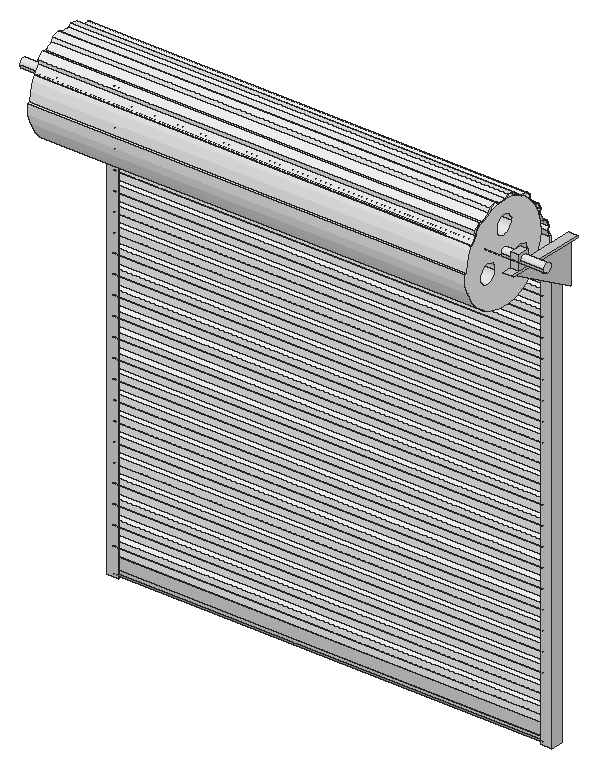
Revit family "Doors_Industrial_Wayne-Dalton_Commercial-Roll-Up-Door-Model-DS-200_", category Specialty Equipment, host Wall, Revit 2019 (continued)
Definition of nested family "Operator"
  Lines and regions (in)
    Masking region 2, visible <- "Electrical Operator"
      outline origin (16.76, 11.5, -15.96) x (1, 0, 0) y (0, 1, 0)
        loop
          line (-6.99565, -6.04259) -> (-5.74565, -6.04259) -> (-5.74565, -5.38009) -> (-5.52455, -5.38009) -> (-5.52455, -6.84264) -> (-5.4254, -6.94178) -> (-4.57285, -6.94178) -> (-4.57285, -8.30035) -> (-4.134, -8.30035) -> (-4.134, -10.01758) -> (-4.3324, -10.01758) -> (-4.3324, -10.27413)
          arc (-4.3324, -10.27413) -> (-4.24466, -10.51278) -> (-4.02324, -10.63778) r 0.36846
          arc (-4.02324, -10.63778) -> (0, -10.96363) -> (4.02324, -10.63778) r 25
          arc (4.02324, -10.63778) -> (4.24466, -10.51278) -> (4.3324, -10.27413) r 0.36846
          line (4.3324, -10.27413) -> (4.3324, -10.01758) -> (4.116, -10.01758) -> (4.116, -8.30035) -> (4.57285, -8.30035) -> (4.57285, -6.34759) -> (4.80185, -6.34759) -> (4.80185, -5.91628) -> (5.20185, -5.91628) -> (5.20185, -4.23407) -> (4.80185, -4.23407) -> (4.80185, -3.80276) -> (4.57285, -3.80276) -> (4.57285, -1.85) -> (3.108, -1.85) -> (3.108, -0.12) -> (4.988, -0.12) -> (4.988, 0) -> (-4.988, 0) -> (-4.988, -0.12) -> (-3.108, -0.12) -> (-3.108, -1.85) -> (-4.57285, -1.85) -> (-4.57285, -3.20856) -> (-5.4254, -3.20856) -> (-5.52455, -3.30771) -> (-5.52455, -4.77026) -> (-5.74565, -4.77026) -> (-5.74565, -4.10776) -> (-6.99565, -4.10776) -> (-6.99565, -6.04259)
    reference lines
      curve 1: line (16.76, 11.5, 0) -> (16.76, 11.5, 10)
      curve 2: line (16.76, 11.5, -15.96) -> (29.76, 11.5, -15.96)
      curve 3: line (16.751, 11.5, -26.53) -> (27.001, 11.5, -26.53)
    symbolic lines, visible <- "Electrical Operator"
      curve 4: line (11.3346, 8.29144, -15.96) -> (11.3346, 4.55822, -15.96)
      curve 5: line (11.23545, 6.72974, -15.96) -> (11.23545, 6.11991, -15.96)
      curve 6: line (11.01435, 7.39224, -15.96) -> (11.01435, 5.45741, -15.96)
      curve 7: line (11.76, 7, -15.96) -> (11.76, 6, -15.96)
      curve 8: line (11.76, 6, -15.96) -> (13.772, 6, -15.96)
      curve 9: line (13.772, 7, -15.96) -> (11.76, 7, -15.96)
      curve 10: line (13.652, 11.38, -15.96) -> (13.652, 7.88, -15.96)
      curve 11: line (13.652, 7.88, -15.96) -> (13.772, 7.88, -15.96)
      curve 12: line (13.772, 4.3646, -15.96) -> (13.772, 11.5, -15.96)
      curve 13: line (19.748, 11.5, -15.96) -> (19.748, 4.3646, -15.96)
      curve 14: line (19.748, 7.88, -15.96) -> (19.868, 7.88, -15.96)
      curve 15: line (19.868, 7.88, -15.96) -> (19.868, 11.38, -15.96)
      curve 16: line (21.76, 7, -15.96) -> (19.748, 7, -15.96)
      curve 17: line (21.76, 7, -15.96) -> (21.76, 6, -15.96)
      curve 18: line (21.76, 6, -15.96) -> (19.748, 6, -15.96)
      curve 19: line (21.56185, 7.69724, -15.96) -> (21.56185, 7, -15.96)
      curve 20: line (20.876, 4.125, -15.96) -> (12.626, 4.125, -15.96)
      curve 21: line (12.18715, 8.29144, -15.96) -> (12.18715, 7, -15.96)
      curve 22: line (12.18715, 3.19965, -15.96) -> (12.18715, 6, -15.96)
      curve 23: line (12.626, 4.2446, -15.96) -> (12.626, 1.48242, -15.96)
      curve 24: line (20.876, 4.2446, -15.96) -> (20.876, 1.48242, -15.96)
      curve 25: arc (13.772, 4.3646, -15.96) -> (13.73685, 4.27975, -15.96) -> (13.652, 4.2446, -15.96) r 0.12
      curve 26: arc (19.868, 4.2446, -15.96) -> (19.78315, 4.27975, -15.96) -> (19.748, 4.3646, -15.96) r 0.12
      curve 27: line (20.876, 4.2446, -15.96) -> (19.868, 4.2446, -15.96)
      curve 28: line (12.626, 4.2446, -15.96) -> (13.652, 4.2446, -15.96)
      curve 29: line (21.33285, 7.69724, -15.96) -> (21.33285, 7, -15.96)
      curve 30: line (21.33285, 6, -15.96) -> (21.33285, 5.15241, -15.96)
      curve 31: line (21.56185, 6, -15.96) -> (21.56185, 5.15241, -15.96)
  Dimensions and locks (in)
    Extrusion 1 sketch curve to Extrusion 1 sketch curve = 8.65"
    plane 3 "Center (Left/Right)" to plane 4 = 3 1/4"
    "Floor To CL": level to plane 6
    locked: plane 7 to plane 6 at 30
    "Chain Offset": level to Sweep 2 sketch curve  (x2)
    "Shaft to Wall Offset": plane 1 "Center (Front/Back)" to plane 8
    locked: curve 1 to curve 1 at 10
    locked: curve 2 to curve 2 at 13
    "Motor V": level to curve 2
    "C H Offset": plane 1 "Center (Front/Back)" to Extrusion 6 sketch curve
    "C V Offset": level to Extrusion 6 sketch curve
    "Motor H": curve 1 to plane 3 "Center (Left/Right)"
    aligned and locked: plane 2 to level
    aligned and locked: Extrusion 1 to plane 5 "1"
    aligned and locked: plane 7 to Sweep 2 sketch curve  (x2)
    aligned and locked: Masking region 1 sketch curve to Extrusion 1  (x4)
    aligned and locked: level to curve 1
    aligned and locked: Extrusion 6 to plane 3 "Center (Left/Right)"
    aligned and locked: Extrusion 3 sketch curve to Extrusion 3 sketch curve  (x3)
    aligned and locked: Extrusion 7 sketch curve to Extrusion 7 sketch curve
    aligned and locked: Extrusion 4 sketch curve to Extrusion 4 sketch curve
  Automatic sketch dimensions
    plane 1 "Center (Front/Back)" to Extrusion 1 sketch curve = 4.325"
    plane 1 "Center (Front/Back)" to Extrusion 1 sketch curve = 1 1/2"
    Extrusion 1 sketch curve to plane 1 "Center (Front/Back)" = 1 1/2"
    Extrusion 1 sketch curve to level = 10.72"
    Extrusion 1 sketch curve to Extrusion 1 sketch curve = 1.50208"  (x2)
    level to Extrusion 1 sketch curve = 1.68"
    curve 1 to Extrusion 5 sketch curve = 5"
    Extrusion 5 sketch curve to curve 1 = 15.96"
    curve 2 to Extrusion 3 sketch curve = 0.12"
    Extrusion 3 sketch curve to curve 2 = 17.988"
    Extrusion 3 sketch curve to curve 2 = 16.108"
    Extrusion 3 sketch curve to Extrusion 3 sketch curve = 0.12"  (x2)
    Extrusion 3 sketch curve to Extrusion 3 sketch curve = 5.976"
    Extrusion 3 sketch curve to Extrusion 3 sketch curve = 1.88"
    Extrusion 3 sketch curve to curve 2 = 3.62"
    curve 2 to Extrusion 3 sketch curve = 0"
    Extrusion 7 sketch curve to curve 2 = 17.134"
    curve 2 to Extrusion 7 sketch curve = 7 3/8"
    Extrusion 7 sketch curve to Extrusion 7 sketch curve = 1.026"
    curve 2 to Extrusion 7 sketch curve = 0"
    Extrusion 7 sketch curve to Extrusion 7 sketch curve = 0.12"  (x2)
    Extrusion 7 sketch curve to Extrusion 7 sketch curve = 5.976"
    Extrusion 7 sketch curve to Extrusion 7 sketch curve = 1.008"
    Extrusion 7 sketch curve to Extrusion 7 sketch curve = 0.1196"
    Extrusion 4 sketch curve to curve 2 = 17.3324"
    Extrusion 4 sketch curve to Extrusion 4 sketch curve = 0.1984"
    Extrusion 4 sketch curve to Extrusion 4 sketch curve = 0.17006"
    Extrusion 4 sketch curve to curve 2 = 13"
    Extrusion 4 sketch curve to Extrusion 4 sketch curve = 0.15206"
    Extrusion 4 sketch curve to Extrusion 4 sketch curve = 0.2164"
    curve 2 to Extrusion 4 sketch curve = 10.27413"
    Extrusion 4 sketch curve to Extrusion 4 sketch curve = 0"  (x2)
    Extrusion 4 sketch curve to Extrusion 4 sketch curve = 0.25654"
    Extrusion 4 sketch curve to curve 2 = 14.03637"
    Extrusion 4 sketch curve to Extrusion 4 sketch curve = 7.92789"
    Extrusion 4 sketch curve to Extrusion 4 sketch curve = 2.64258"
    curve 3 to curve 2 = 0.009"
    curve 2 to curve 3 = 10.57"
    curve 3 to curve 2 = 2.759"
    Revolve 8 sketch curve to curve 3 = 6.98665"
    Revolve 8 sketch curve to Revolve 8 sketch curve = 1 1/4"
    Revolve 8 sketch curve to Revolve 8 sketch curve = 0.2211"
    Revolve 8 sketch curve to Revolve 8 sketch curve = 0.09915"  (x2)
    Revolve 8 sketch curve to Revolve 8 sketch curve = 0.85255"
    curve 3 to Revolve 8 sketch curve = 1.85"
    curve 3 to Revolve 8 sketch curve = 4.58185"
    Revolve 8 sketch curve to Revolve 8 sketch curve = 0.229"
    Revolve 8 sketch curve to Revolve 8 sketch curve = 0.4"
    Revolve 8 sketch curve to Revolve 8 sketch curve = 1.35856"
    Revolve 8 sketch curve to Revolve 8 sketch curve = 1.95276"
    Revolve 8 sketch curve to Revolve 8 sketch curve = 0.80005"
    Revolve 8 sketch curve to Revolve 8 sketch curve = 0.43131"
    Revolve 8 sketch curve to Revolve 8 sketch curve = 0.6625"
    Revolve 8 sketch curve to Revolve 8 sketch curve = 0.96741"
    Revolve 8 sketch curve to Revolve 8 sketch curve = 3.25435"
    curve 3 to Revolve 8 sketch curve = 4.55715"
    Revolve 8 sketch curve to curve 3 = 5.07517"
    Masking region 2 sketch curve to curve 2 = 0"  (x2)
    curve 2 to Masking region 2 sketch curve = 14.03637"
    Masking region 2 sketch curve to curve 2 = 3.108"
    Masking region 2 sketch curve to Masking region 2 sketch curve = 0.17006"
    Masking region 2 sketch curve to Masking region 2 sketch curve = 0.1984"
    Masking region 2 sketch curve to Masking region 2 sketch curve = 1 119/256"  (x2)
    Masking region 2 sketch curve to Masking region 2 sketch curve = 0.43885"
    Masking region 2 sketch curve to Masking region 2 sketch curve = 1.88"  (x2)
    Masking region 2 sketch curve to Masking region 2 sketch curve = 0.85255"  (x2)
    Masking region 2 sketch curve to Masking region 2 sketch curve = 0.09915"  (x4)
    Masking region 2 sketch curve to Masking region 2 sketch curve = 0.2211"  (x2)
    Masking region 2 sketch curve to Masking region 2 sketch curve = 1 1/4"  (x2)
    curve 2 to Masking region 2 sketch curve = 0.12"  (x2)
    curve 2 to Masking region 2 sketch curve = 3.108"
    curve 2 to Masking region 2 sketch curve = 3.96394"
    Masking region 2 sketch curve to Masking region 2 sketch curve = 0.15206"
    Masking region 2 sketch curve to Masking region 2 sketch curve = 0.2164"
    Masking region 2 sketch curve to Masking region 2 sketch curve = 0.45685"
    Masking region 2 sketch curve to Masking region 2 sketch curve = 0.229"  (x2)
    Masking region 2 sketch curve to Masking region 2 sketch curve = 0.4"
    Masking region 2 sketch curve to Masking region 2 sketch curve = 1.73"  (x2)
    Masking region 2 sketch curve to Masking region 2 sketch curve = 1.35856"  (x2)
    Masking region 2 sketch curve to Masking region 2 sketch curve = 1.95276"  (x2)
    Masking region 2 sketch curve to Masking region 2 sketch curve = 0.80005"
    Masking region 2 sketch curve to Masking region 2 sketch curve = 0.43131"  (x2)
    Masking region 2 sketch curve to Masking region 2 sketch curve = 0.6625"  (x2)
    Masking region 2 sketch curve to Masking region 2 sketch curve = 0.60983"
    Masking region 2 sketch curve to Masking region 2 sketch curve = 1.68221"
    Masking region 2 sketch curve to Masking region 2 sketch curve = 1.46255"
    Masking region 2 sketch curve to Masking region 2 sketch curve = 1.71724"  (x2)
    Masking region 2 sketch curve to Masking region 2 sketch curve = 0.25654"  (x2)
    Masking region 2 sketch curve to Masking region 2 sketch curve = 0"
    profile plane to Sweep 2 sketch curve = 0"
    plane 5 "1" to Sweep 2 sketch curve = 3/4"
    curve 12 to curve 2 = 0"
    curve 2 to curve 13 = 0"
    curve 7 to curve 2 = 5"
    curve 7 to curve 23 = 0.866"
    curve 7 to curve 10 = 1.892"
    curve 23 to curve 25 = 1.026"
    curve 25 to curve 12 = 0.12"
    curve 2 to curve 13 = 2.988"
    curve 14 to curve 14 = 0.12"
    curve 26 to curve 27 = 0.12"
    curve 26 to curve 24 = 1.008"
    curve 24 to curve 17 = 0.884"
    curve 14 to curve 2 = 3.62"
    curve 11 to curve 2 = 3.62"
    curve 7 to curve 10 = 0.88"
    curve 16 to curve 14 = 0.88"
    curve 18 to curve 16 = 1"
    curve 8 to curve 7 = 1"
    curve 13 to curve 18 = 1.6354"
    curve 12 to curve 8 = 1.6354"
    curve 4 to curve 7 = 0.4254"
    curve 5 to curve 7 = 0.52455"
    curve 6 to curve 5 = 0.2211"
    curve 22 to curve 20 = 0.43885"
    curve 4 to curve 21 = 0.85255"
    curve 29 to curve 16 = 0.42715"
    curve 30 to curve 17 = 0.42715"
    curve 19 to curve 16 = 0.19815"
    curve 30 to curve 31 = 0.229"
    curve 2 to curve 10 = 0.12"
    curve 2 to curve 15 = 0.12"
    curve 21 to curve 21 = 1.29144"
    curve 4 to curve 21 = 0"
    curve 19 to curve 19 = 0.69724"
    curve 29 to curve 19 = 0"
    curve 7 to curve 6 = 0.39224"
    curve 5 to curve 7 = 0.27026"
    curve 7 to curve 5 = 0.11991"
    curve 6 to curve 5 = 0.6625"
    curve 30 to curve 30 = 0.84759"
    curve 30 to curve 31 = 0"
    curve 4 to curve 6 = 0.89919"
    curve 20 to curve 24 = 0.1196"
    curve 22 to curve 20 = 0.92535"
    curve 23 to curve 22 = 1.71724"
    curve 24 to curve 20 = 2.64258"
    Sweep 2 sketch curve to plane 1 "Center (Front/Back)" = 0"
    Sweep 2 sketch curve to Sweep 2 sketch curve = 2.9125"
    curve 2 to curve 1 = 0"
    radius of Extrusion 5 sketch curve = 1/2"
    radius of Sweep 2 sketch curve = 0.3"
    radius of Extrusion 6 sketch curve = 1"
Types (5): name | Voltage | Manual | Frequency | Electrical Operator | Current | Chain Hoist | Apparent Load Phase 1 | A
  ‏​Manual push-up | 0 V | yes | 0 Hz | no | 0 A | no | 0 VA | 5"
  115 volts, one phase, 60 Hz (110-120V range) | 115 V | no | 60 Hz | yes | 20 A | no | 2300 VA | 9"
  208 volts, one phase, 60 Hz (190-207V range) | 208 V | no | 60 Hz | yes | 20 A | no | 4160 VA | 9"
  230 volts, one phase, 60 Hz (208-245V range) | 230 V | no | 60 Hz | yes | 20 A | no | 4600 VA | 9"
  Chain Hoist | 0 V | no | 0 Hz | no | 0 A | yes | 0 VA | 8"
